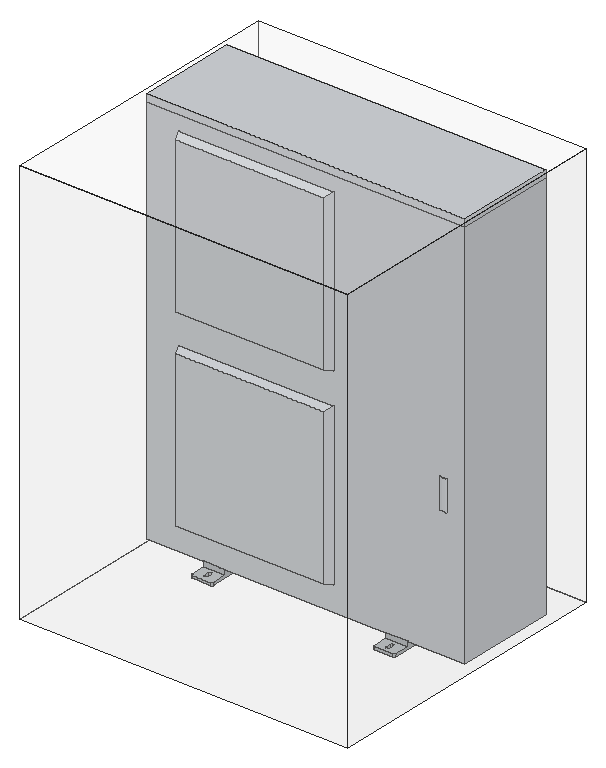
Revit family "puz-dhrmp80_140ka5_60hz", category 機械設備, Revit 2023
Family settings
  丸型コネクタ寸法 = 直径を使用
  パーツ タイプ = 標準
  OmniClass 番号 = 23.75.10.24.21.27.27
  OmniClass タイトル = Split System Air Conditioning Units
  作業面ベース = いいえ
  常に垂直 = はい
  ロード時にボイドで切り取り = いいえ
  注釈の向きを維持 = いいえ
  共有 = いいえ
  部屋計算ポイント = いいえ
Parameters (values of type "PUZ-DHRMP112KA5")
  風量_冷房 (㎥/min) = 110
  風量 = [風量_冷房 (㎥/min)] * 60.0 m³/h  # 6600.0 m³/h
  音響パワーレベル_冷房 (dB) = 66
  音響パワーレベル_暖房 (dB) = 69
  音響パワーレベル(dB) = [音響パワーレベル_暖房 (dB)]  # 69
  電源種別 = ""
  電源位置Y = 2 mm
  電源位置Z = 1063 mm
  電源位置X = 325 mm
  電圧 = 200 V
  電動機出力_送風機 = 0.12 kW
  電動機出力_圧縮機 = 2.1 kW
  集中コントローラ [instance] = ""
  運転質量 = 0.00 kg
  運転方法 = "冷暖切替"
  質量 = if(製品質量 > 運転質量, 製品質量, 運転質量) * 1.2  # 138.00 kg
  負荷分類 = 1_熱源類
  説明 = "空冷H/P PAC インバータ室外機"
  設計暖房能力 [instance] = 0 kW
  設計冷房能力_顕熱 [instance] = 0 kW
  設計冷房能力 [instance] = 0 kW
  設置方法 = "床置形"
  記号 [instance] = ""
  製造元 = "三菱電機株式会社"
  製品質量 = 115.00 kg
  製品出荷対象 = "国内"
  製品リリース年月 = "2026/5/11"
  系統 [instance] = ""
  符号 = "PAC"
  積算_科目 = "1 空気調和設備"
  積算_拾い区分 [instance] = ""
  相 = 3
  盤記号 [instance] = ""
  発停方法 = "別売リモコン"
  特殊仕様 [instance] = ""
  消費電力_暖房 = 2.69 kW
  消費電力_冷房 = 2.5 kW
  消費電力 = if(消費電力_冷房 > 消費電力_暖房, 消費電力_冷房, 消費電力_暖房)  # 2.69 kW
  法定耐用年数 = "6"
  極数 = 3
  材質 [instance] = ""
  本体マテリアル = none
  最小電線太さ_mm2 = 5.5
  最大電流値 = 0 A
  暖房能力 = 11.2 kW
  既定の高さ = 0 mm
  推奨ブレーカー容量 = 30 A
  据付ピッチ1 = 0 mm
  形式 = "パッケージ形 室外機"
  形名 = PUZ-HDRMP-3 : PUZ-HDRMP-3
  幹線記号 [instance] = ""
  始動方式 = "インバータ"
  呼称 = "パッケージ形空気調和機_室外機"
  周波数 = 60 Hz
  価格 = 0
  ドレン　位置Z = 23 mm
  ドレン　位置Y = 176 mm
  ドレン　位置X = 45 mm
  アンカーボルト位置Y = 370 mm
  アンカーボルト位置X = 600 mm
  参照している仕様書等のバージョン = "公共建築物標準仕様書（機械設備工事編）平成31年度版"
  分類コード = "50053003126100"
  分類グループ = "設備"
  冷房能力 = 10 kW
  冷媒管（ガス）位置X = 483 mm
  冷媒管（液）位置X = 423 mm
  冷媒管（液）位置Y = 290 mm
  冷媒管（ガス）位置Y = 234 mm
  冷媒管長 [instance] = 0 mm
  冷媒管径符号 = "Bd"
  冷媒管径 = 100 mm
  冷媒管位置Z = 450 mm
  冷媒管位置Y = (冷媒管（液）位置Y + 冷媒管（ガス）位置Y) / 2  # 262 mm
  冷媒管位置X = (冷媒管（液）位置X + 冷媒管（ガス）位置X) / 2  # 453 mm
  冷媒液管径 = 9.52 mm
  冷媒ガス管径 = 15.88 mm
  企業コード = "108420"
  付属品 [instance] = ""
  ユニット数 = 1
  モデル = "PUZ-DHRMP112KA5"
  ドレン管径 = 33 mm
  サービススペース = yes
  コメント [instance] = ""
  【値が 0 の項目は組合せ形名にてご確認ください】 = ""
  Width = 1050 mm
  Version = ""
  Uniclass2015Version = "Systems v1.9"
  Uniclass2015Title = "Split coil remote air cooled condensing units"
  Uniclass2015Code = "Pr_70_65_03_84"
  URL = "https://www.mitsubishielectric.co.jp/ldg/wink/qr/002/364561"
  SpecificationReference = ""
  SpecificationDescription = ""
  Revision = ""
  ProductInformation = ""
  OmniClassCode = "23-33 17 13 11"
  IfcTypeProduct = ""
  IfcProduct = ""
  IfcExportType = "AIRCONDITIONINGUNIT"
  IfcExportAs = "IfcUnitaryEquipmentType"
  Height = 1338 mm
  Depth = 330 mm
  Clearance Top = 0 mm
  Clearance Right = 15 mm
  Clearance Left = 15 mm
  Clearance Front = 500 mm
  Clearance Bottom = 0 mm
  Clearance Back = 150 mm
  COP = 0
  BLCJ仕様バージョン = "2.0"
  Author = "三菱電機株式会社"
  APF = 0
Reference planes
  plane 1 "中心(正面/背面)": y = 74
  plane 2: z = 0
  plane 3 "中心(左/右)": x = 830
  plane 4 "右": x = 1355
  plane 5 "左": x = 305
  plane 6 "背面": y = 239
  plane 7 "正面": y = -91
  plane 8 "上部": z = 1338
  plane 9 "Clearanse Top": z = 1338
  plane 10 "SS_back": y = 389
  plane 11 "SS_front": y = -591
  plane 12 "SS_left": x = 290
  plane 13 "SS_right": x = 1370
  plane 14: z = 0
  plane 15: y = -89
  plane 16: x = 1155
  plane 17: z = 1063
  plane 18: y = -87
  plane 19: y = -23
  plane 20: x = 1283
  plane 21: z = 450
  plane 22: z = 452
  plane 23: y = 63
  plane 24: x = 350
  plane 25: z = 25
  plane 26: z = 23
  plane 27: x = 530
  plane 28: x = 1130
  plane 29: y = 259
  plane 30: y = -111
Forms (mm)
  Extrusion 1, solid, detail levels fine
    sketch origin (0, -91, 0) x (1, 0, 0) y (0, 0, 1)
      loop
        circle (1155, 1063) r 13.5
    from -4 to -2
  Extrusion 2, solid, detail levels fine
    sketch origin (-1437.329, -1524, 54) x (-1, 0, 0) y (0, -1, 0)
      loop
        circle (-2720.329, -1501) r 50
    from 396 to 398
  Extrusion 3, solid, detail levels fine
    sketch origin (-1437.329, -1524, 54) x (-1, 0, 0) y (0, -1, 0)
      loop
        circle (-1787.329, -1587) r 16.5
    from -31 to -29
Lines and regions (mm)
  model lines, not visible
    curve 1: line (460, 178.667, 1289.179) -> (460, 297.73, 1289.179)
    curve 2: line (460, 178.667, 1056.056) -> (460, 178.667, 1289.179)
    curve 3: line (460, 297.73, 1056.056) -> (460, 178.667, 1056.056)
    curve 4: line (460, 297.73, 1289.179) -> (460, 297.73, 1056.056)
    curve 5: line (460, 47.598, 1289.179) -> (460, 166.661, 1289.179)
    curve 6: line (460, 47.598, 1056.056) -> (460, 47.598, 1289.179)
    curve 7: line (460, 166.661, 1056.056) -> (460, 47.598, 1056.056)
    curve 8: line (460, 166.661, 1289.179) -> (460, 166.661, 1056.056)
    curve 9: line (460, -83.471, 1289.179) -> (460, 35.592, 1289.179)
    curve 10: line (460, -83.471, 1056.056) -> (460, -83.471, 1289.179)
    curve 11: line (460, 35.592, 1056.056) -> (460, -83.471, 1056.056)
    curve 12: line (460, 35.592, 1289.179) -> (460, 35.592, 1056.056)
    curve 13: line (460, -150.779, 1289.179) -> (460, -95.75, 1289.179)
    curve 14: line (460, -150.779, 1056.056) -> (460, -150.779, 1289.179)
    curve 15: line (460, -95.75, 1056.056) -> (460, -150.779, 1056.056)
    curve 16: line (460, -95.75, 1289.179) -> (460, -95.75, 1056.056)
    curve 17: line (460, -150.779, 1283.175) -> (460, -132.596, 1283.175)
    curve 18: line (460, -150.779, 1062.059) -> (460, -150.779, 1283.175)
    curve 19: line (460, -132.596, 1062.059) -> (460, -150.779, 1062.059)
    curve 20: line (460, -132.596, 1283.175) -> (460, -132.596, 1062.059)
    curve 21: line (460, 178.667, 1046.051) -> (460, 297.73, 1046.051)
    curve 22: line (460, 178.667, 812.928) -> (460, 178.667, 1046.051)
    curve 23: line (460, 297.73, 812.928) -> (460, 178.667, 812.928)
    curve 24: line (460, 297.73, 1046.051) -> (460, 297.73, 812.928)
    curve 25: line (460, 47.598, 1046.051) -> (460, 166.661, 1046.051)
    curve 26: line (460, 47.598, 812.928) -> (460, 47.598, 1046.051)
    curve 27: line (460, 166.661, 812.928) -> (460, 47.598, 812.928)
    curve 28: line (460, 166.661, 1046.051) -> (460, 166.661, 812.928)
    curve 29: line (460, -83.471, 1046.051) -> (460, 35.592, 1046.051)
    curve 30: line (460, -83.471, 812.928) -> (460, -83.471, 1046.051)
    curve 31: line (460, 35.592, 812.928) -> (460, -83.471, 812.928)
    curve 32: line (460, 35.592, 1046.051) -> (460, 35.592, 812.928)
    curve 33: line (460, -150.779, 1046.051) -> (460, -95.75, 1046.051)
    curve 34: line (460, -150.779, 812.928) -> (460, -150.779, 1046.051)
    curve 35: line (460, -95.75, 812.928) -> (460, -150.779, 812.928)
    curve 36: line (460, -95.75, 1046.051) -> (460, -95.75, 812.928)
    curve 37: line (460, -150.779, 1040.048) -> (460, -132.596, 1040.048)
    curve 38: line (460, -150.779, 818.931) -> (460, -150.779, 1040.048)
    curve 39: line (460, -132.596, 818.931) -> (460, -150.779, 818.931)
    curve 40: line (460, -132.596, 1040.048) -> (460, -132.596, 818.931)
    curve 41: line (460, 178.667, 802.923) -> (460, 297.73, 802.923)
    curve 42: line (460, 178.667, 569.8) -> (460, 178.667, 802.923)
    curve 43: line (460, 297.73, 569.8) -> (460, 178.667, 569.8)
    curve 44: line (460, 297.73, 802.923) -> (460, 297.73, 569.8)
    curve 45: line (460, 47.598, 802.923) -> (460, 166.661, 802.923)
    curve 46: line (460, 47.598, 569.8) -> (460, 47.598, 802.923)
    curve 47: line (460, 166.661, 569.8) -> (460, 47.598, 569.8)
    curve 48: line (460, 166.661, 802.923) -> (460, 166.661, 569.8)
    curve 49: line (460, -83.471, 802.923) -> (460, 35.592, 802.923)
    curve 50: line (460, -83.471, 569.8) -> (460, -83.471, 802.923)
    curve 51: line (460, 35.592, 569.8) -> (460, -83.471, 569.8)
    curve 52: line (460, 35.592, 802.923) -> (460, 35.592, 569.8)
    curve 53: line (460, -150.779, 802.923) -> (460, -95.75, 802.923)
    curve 54: line (460, -150.779, 569.8) -> (460, -150.779, 802.923)
    curve 55: line (460, -95.75, 569.8) -> (460, -150.779, 569.8)
    curve 56: line (460, -95.75, 802.923) -> (460, -95.75, 569.8)
    curve 57: line (460, -150.779, 796.92) -> (460, -132.596, 796.92)
    curve 58: line (460, -150.779, 575.803) -> (460, -150.779, 796.92)
    curve 59: line (460, -132.596, 575.803) -> (460, -150.779, 575.803)
    curve 60: line (460, -132.596, 796.92) -> (460, -132.596, 575.803)
    curve 61: line (460, 178.667, 559.795) -> (460, 297.73, 559.795)
    curve 62: line (460, 178.667, 326.672) -> (460, 178.667, 559.795)
    curve 63: line (460, 297.73, 326.672) -> (460, 178.667, 326.672)
    curve 64: line (460, 297.73, 559.795) -> (460, 297.73, 326.672)
    curve 65: line (460, 47.598, 559.795) -> (460, 166.661, 559.795)
    curve 66: line (460, 47.598, 326.672) -> (460, 47.598, 559.795)
    curve 67: line (460, 166.661, 326.672) -> (460, 47.598, 326.672)
    curve 68: line (460, 166.661, 559.795) -> (460, 166.661, 326.672)
    curve 69: line (460, -83.471, 559.795) -> (460, 35.592, 559.795)
    curve 70: line (460, -83.471, 326.672) -> (460, -83.471, 559.795)
    curve 71: line (460, 35.592, 326.672) -> (460, -83.471, 326.672)
    curve 72: line (460, 35.592, 559.795) -> (460, 35.592, 326.672)
    curve 73: line (460, -150.779, 559.795) -> (460, -95.75, 559.795)
    curve 74: line (460, -150.779, 326.672) -> (460, -150.779, 559.795)
    curve 75: line (460, -95.75, 326.672) -> (460, -150.779, 326.672)
    curve 76: line (460, -95.75, 559.795) -> (460, -95.75, 326.672)
    curve 77: line (460, -150.779, 553.792) -> (460, -132.596, 553.792)
    curve 78: line (460, -150.779, 332.675) -> (460, -150.779, 553.792)
    curve 79: line (460, -132.596, 332.675) -> (460, -150.779, 332.675)
    curve 80: line (460, -132.596, 553.792) -> (460, -132.596, 332.675)
    curve 81: line (460, 178.667, 316.667) -> (460, 297.73, 316.667)
    curve 82: line (460, 178.667, 83.544) -> (460, 178.667, 316.667)
    curve 83: line (460, 297.73, 83.544) -> (460, 178.667, 83.544)
    curve 84: line (460, 297.73, 316.667) -> (460, 297.73, 83.544)
    curve 85: line (460, 47.598, 316.667) -> (460, 166.661, 316.667)
    curve 86: line (460, 47.598, 83.544) -> (460, 47.598, 316.667)
    curve 87: line (460, 166.661, 83.544) -> (460, 47.598, 83.544)
    curve 88: line (460, 166.661, 316.667) -> (460, 166.661, 83.544)
    curve 89: line (460, -83.471, 316.667) -> (460, 35.592, 316.667)
    curve 90: line (460, -83.471, 83.544) -> (460, -83.471, 316.667)
    curve 91: line (460, 35.592, 83.544) -> (460, -83.471, 83.544)
    curve 92: line (460, 35.592, 316.667) -> (460, 35.592, 83.544)
    curve 93: line (460, -150.779, 316.667) -> (460, -95.75, 316.667)
    curve 94: line (460, -150.779, 83.544) -> (460, -150.779, 316.667)
    curve 95: line (460, -95.75, 83.544) -> (460, -150.779, 83.544)
    curve 96: line (460, -95.75, 316.667) -> (460, -95.75, 83.544)
    curve 97: line (460, -150.779, 310.664) -> (460, -132.596, 310.664)
    curve 98: line (460, -150.779, 89.547) -> (460, -150.779, 310.664)
    curve 99: line (460, -132.596, 89.547) -> (460, -150.779, 89.547)
    curve 100: line (460, -132.596, 310.664) -> (460, -132.596, 89.547)
Dimensions and locks
  equal spacing: plane 7 "正面", plane 1 "中心(正面/背面)", plane 6 "背面"
  "Depth": plane 7 "正面" to plane 6 "背面"
  "Width": plane 5 "左" to plane 4 "右"
  equal spacing: plane 5 "左", plane 3 "中心(左/右)", plane 4 "右"
  "Clearance Left": plane 12 "SS_left" to plane 5 "左"
  "Clearance Right": plane 4 "右" to plane 13 "SS_right"
  "Clearance Back": plane 6 "背面" to plane 10 "SS_back"
  "Clearance Front": plane 11 "SS_front" to plane 7 "正面"
  "Height": plane 8 "上部" to level
  "Clearance Top": plane 9 "Clearanse Top" to plane 8 "上部"
  "Clearance Bottom": level to plane 14
  "電源位置X": plane 3 "中心(左/右)" to plane 16
  "電源位置Y": plane 7 "正面" to plane 15
  "電源位置Z": plane 17 to level
  locked: plane 15 to plane 18 at 2
  "冷媒管位置X": plane 3 "中心(左/右)" to plane 20
  "冷媒管位置Y": plane 19 to plane 6 "背面"
  "冷媒管位置Z": plane 21 to level
  locked: plane 22 to plane 21 at 2
  "ドレン　位置X": plane 5 "左" to plane 24
  "ドレン　位置Y": plane 23 to plane 6 "背面"
  locked: plane 25 to plane 26 at 2
  "ドレン　位置Z": plane 26 to level
  equal spacing: plane 30, plane 1 "中心(正面/背面)", plane 29
  "アンカーボルト位置Y": plane 30 to plane 29
  equal spacing: plane 27, plane 3 "中心(左/右)", plane 28
  "アンカーボルト位置X": plane 27 to plane 28
  radius of Extrusion 1 sketch curve = 13.5 mm
  "冷媒管径": diameter of Extrusion 2 sketch curve
  "ドレン管径": diameter of Extrusion 3 sketch curve
  aligned and locked: level to plane 2
  aligned and locked: plane 10 "SS_back" to nested 1  (x2)
  aligned and locked: plane 13 "SS_right" to nested 1
  aligned and locked: plane 12 "SS_left" to nested 1  (x2)
  aligned and locked: nested 1 to plane 13 "SS_right"
  aligned and locked: plane 11 "SS_front" to nested 1
  aligned and locked: plane 9 "Clearanse Top" to nested 1
  aligned and locked: plane 1 "中心(正面/背面)" to nested 2
  aligned and locked: plane 3 "中心(左/右)" to nested 2
  aligned and locked: plane 14 to nested 1
  aligned and locked: plane 17 to Extrusion 1 sketch curve
  aligned and locked: plane 16 to Extrusion 1 sketch curve
  aligned and locked: Extrusion 1 to plane 18
  aligned and locked: plane 15 to Extrusion 1
  aligned and locked: plane 19 to Extrusion 2 sketch curve
  aligned and locked: plane 20 to Extrusion 2 sketch curve
  aligned and locked: plane 22 to Extrusion 2
  aligned and locked: Extrusion 2 to plane 21
  aligned and locked: plane 24 to Extrusion 3 sketch curve
  aligned and locked: plane 23 to Extrusion 3 sketch curve
  aligned and locked: plane 25 to Extrusion 3
  aligned and locked: Extrusion 3 to plane 26
  aligned and locked: plane 27 to nested 3
  aligned and locked: plane 29 to nested 3
Nested families
  nested 1: "サービススペース" at (830, -101, 669), visible <- "サービススペース", type "サービススペース"
    with Width 1080 mm, Height 1338 mm, Depth 980 mm
  nested 2: "PUZ-HDRMP-3" at (830, 74, 0), type <- "形名", type "PUZ-HDRMP-3", detail levels fine
  nested 3: "固定点" at (530, -111, 0), type "固定点"
    with W 600 mm, D 370 mm
Connectors
  piping at (1283, -23, 450), diameter 100, driven by "冷媒管径", driven by "冷媒管径符号"
    settings: on Extrusion 2, index 1, connector inside diameter 609.6 mm, connector length 0 mm, flow factor 0, pipe flow 0.0 L/s, pressure drop 0.0 Pa, fitting loss kfactor 0, connector angle 0.00°, fixture units 0, engagement length 0 mm, angle of deflection 0.00°, flow configuration 1, flow direction 2, fitting loss method 4, system type 7, joint type 0, gender type 0, connector reference index -1, connector utility 0, adjustable connector no, is connector primary yes, connector description "Bd"
  electrical at (1155, -89, 1063), driven by "極数", driven by "負荷分類", driven by "電圧", driven by "消費電力"
    settings: on Extrusion 1, index 2, voltage 200 V, apparent load 2690 VA, apparent load phase1 0 VA, apparent load phase2 0 VA, apparent load phase3 0 VA, power factor 1, load classification "1_熱源類", number of poles 3, system type 30, power factor state 1, is connector primary yes, connector utility no, sub classification motor no, connector description ""
Definition of nested family "サービススペース"
  Parameters (values of type "サービススペース")
    Default Elevation = 0 mm
    Width [instance] = 500 mm
    Height [instance] = 500 mm
    Depth [instance] = 500 mm
  Reference planes
    plane 1 "中心(正面/背面)": y = 0
    plane 2: z = 0
    plane 3 "中心(左/右)": x = 0
    plane 4: y = -250
    plane 5: x = 250
    plane 6: y = 250
    plane 7: x = -250
    plane 8: z = 250
    plane 9: z = -250
  Forms (mm)
    Extrusion 1, solid
      sketch origin (-638.939, 0, 72.39) x (1, 0, 0) y (0, 1, 0)
        loop
          line (388.939, 250) -> (388.939, -250) -> (888.939, -250) -> (888.939, 250) -> (388.939, 250)
      from -322.39 to 177.61
  Lines and regions (mm)
    symbolic lines
      curve 1: line (-250, 0, 250) -> (250, 0, 250)
      curve 2: line (-250, 0, -250) -> (-250, 0, 250)
      curve 3: line (250, 0, -250) -> (-250, 0, -250)
      curve 4: line (250, 0, 250) -> (250, 0, -250)
      curve 5: line (0, -250, 250) -> (0, 250, 250)
      curve 6: line (0, -250, -250) -> (0, -250, 250)
      curve 7: line (0, 250, -250) -> (0, -250, -250)
      curve 8: line (0, 250, 250) -> (0, 250, -250)
      curve 9: line (-250, 250, 0) -> (250, 250, 0)
      curve 10: line (-250, -250, 0) -> (-250, 250, 0)
      curve 11: line (250, -250, 0) -> (-250, -250, 0)
      curve 12: line (250, 250, 0) -> (250, -250, 0)
  Dimensions and locks
    equal spacing: plane 7, plane 3 "中心(左/右)", plane 5
    equal spacing: plane 4, plane 1 "中心(正面/背面)", plane 6
    "Depth": plane 4 to plane 6
    "Width": plane 7 to plane 5
    equal spacing: plane 8, plane 2, plane 9
    "Height": plane 8 to plane 9
    aligned and locked: plane 9 to curve 3
    aligned and locked: plane 7 to curve 2
    aligned and locked: curve 4 to plane 5
    aligned and locked: plane 5 to Extrusion 1
    aligned and locked: Extrusion 1 to plane 7
    aligned and locked: Extrusion 1 to plane 9
    aligned and locked: plane 8 to Extrusion 1
    aligned and locked: plane 9 to curve 7
  Automatic sketch dimensions
    plane 4 to Extrusion 1 sketch curve = 0 mm
    Extrusion 1 sketch curve to plane 7 = 0 mm
    Extrusion 1 sketch curve to plane 5 = 0 mm
    plane 6 to Extrusion 1 sketch curve = 0 mm
    curve 2 to plane 8 = 0 mm
    plane 4 to curve 11 = 0 mm
    curve 11 to plane 7 = 0 mm
    curve 11 to plane 5 = 0 mm
    plane 6 to curve 10 = 0 mm
    curve 7 to plane 4 = 0 mm
    curve 7 to plane 6 = 0 mm
    curve 6 to plane 8 = 0 mm
Definition of nested family "PUZ-HDRMP-3"
  Parameters (values of type "PUZ-HDRMP-3")
    配線取出口サイズ = 27 mm
    配線取出口-Z = 1063 mm
    配線取出口-Y = 325 mm
    配線取出口-X = 325 mm
    液配管サイズ = 100 mm
    高さ = 1338 mm
    Default Elevation = 0 mm
    換気-W = 362 mm
    換気-H2 = 632 mm
    換気-H1 = 369 mm
    換気-D = 25 mm
    奥行き = 330 mm
    吊りボルト_H = 0 mm
    吊りボルト-φ = 12 mm
    冷媒配管サイズ = 9.52 mm
    冷媒液管径-Z = 450 mm
    冷媒液管径-Y = 290 mm
    冷媒液管径-X = 423 mm
    冷媒ガス管径-Z = 421 mm
    冷媒ガス管径-Y = 274 mm
    冷媒ガス管径-X = 483 mm
    吊りボルト-W = 600 mm
    マテリアル = none
    ドレン配管サイズ = 33 mm
    ドレン管径-Z = 0 mm
    ドレン管径-Y = 154 mm
    ドレン管径-X = 480 mm
    タイプ3 = yes
    タイプ2 = no
    タイプ1 = no
    ガス配管サイズ = 15.88 mm
    吊りボルト-D = 370 mm
    幅さ = 1050 mm
    a = 幅さ / 2  # 525 mm
  Reference planes
    plane 1 "中心(正面/背面)": y = 0
    plane 2: z = 0
    plane 3 "中心(左/右)": x = 0
    plane 4: z = 1338
    plane 5: x = -525
    plane 6: x = 525
    plane 7: y = 165
    plane 8: y = -165
    plane 9: x = 587
    plane 10: y = -105
    plane 11: y = 5
    plane 12: z = 1313
    plane 13: x = -545
    plane 14: x = -300
    plane 15: x = 300
    plane 16: y = 185
    plane 17: y = -185
    plane 18: x = 335
    plane 19: x = 265
    plane 20: x = -265
    plane 21: x = -335
    plane 22: y = 204
    plane 23: y = -218
    plane 24: z = 8.5
    plane 25: z = 25
    plane 26: z = 23
    plane 27: z = 1333
    plane 28: y = -40
    plane 29: y = 40
    plane 30: y = -30
    plane 31: y = 30
    plane 32: z = 1318
    plane 33: z = 55
    plane 34: z = 225
    plane 35: z = 570
    plane 36: x = 535
    plane 37: x = 556
    plane 38: y = -190
    plane 39: x = -163
    plane 40: z = 369
    plane 41: x = 91
    plane 42: x = -417
    plane 43: z = 633
    plane 44: z = 105
    plane 45: x = -407
    plane 46: x = 81
    plane 47: z = 623
    plane 48: z = 115
    plane 49: y = 115
    plane 50: y = -115
    plane 51: x = -480
    plane 52: y = -11
    plane 53: x = 483
    plane 54: x = 325
    plane 55: y = -160
    plane 56: y = -125
    plane 57: y = -109
    plane 58: x = 423
    plane 59: z = 421
    plane 60: z = 450
    plane 61: z = 1063
    plane 62: y = -110
    plane 63: z = 550
    plane 64: z = 550
    plane 65: x = 453
    plane 66: y = -117
    plane 67 "グループ": x = -525
    plane 68: z = 1338
    plane 69: z = 943
    plane 70: z = 1001
    plane 71: z = 1265
    plane 72: z = 737
    plane 73: z = 1255
    plane 74: z = 747
    plane 75: y = 125
    plane 76: x = -370
    plane 77: x = -210
    plane 78: x = -50
    plane 79: x = 110
  Forms (mm)
    Extrusion 1, solid, visible <- "タイプ3", detail levels fine
      sketch origin (-1437.329, -1524, 1338) x (-1, 0, 0) y (0, -1, 0)
        loop
          line (-1102.329, -1689) -> (-1102.329, -1359) -> (-1172.329, -1359) -> (-1172.329, -1689) -> (-1102.329, -1689)
        loop
          line (-1702.329, -1689) -> (-1702.329, -1359) -> (-1772.329, -1359) -> (-1772.329, -1689) -> (-1702.329, -1689)
      from -1338 to -1313
    Extrusion 2, solid, material <- "マテリアル", visible <- "タイプ3", detail levels fine
      sketch origin (-1437.329, -1524, 1338) x (-1, 0, 0) y (0, -1, 0)
        loop
          line (-1962.329, -1689) -> (-912.329, -1689) -> (-912.329, -1359) -> (-1962.329, -1359) -> (-1962.329, -1689)
      from -1313 to -25
    Extrusion 3, solid, material <- "マテリアル", visible <- "タイプ3", detail levels fine
      sketch origin (-1437.329, -1524, 1338) x (-1, 0, 0) y (0, -1, 0)
        loop
          line (-912.329, -1689) -> (-912.329, -1359) -> (-1962.329, -1359) -> (-1962.329, -1689) -> (-912.329, -1689)
      from -25 to 0
    Blend 4, solid, material <- "マテリアル", visible <- "タイプ3", detail levels fine
      base sketch origin (0, 0, 0) x (1, 0, 0) y (0, 0, 1)
        loop
          line (-417, 633) -> (-417, 105) -> (91, 105) -> (91, 633) -> (-417, 633)
      top sketch origin (0, 0, 0) x (1, 0, 0) y (0, 0, 1)
        loop
          line (-407, 623) -> (-407, 115) -> (81, 115) -> (81, 623) -> (-407, 623)
      from 165 to 190
    Extrusion 5, solid, material <- "マテリアル", visible <- "タイプ3", detail levels fine
      sketch origin (-1437.329, -1524, 1338) x (-1, 0, 0) y (0, -1, 0)
        loop
          circle (-1920.329, -1415) r 7.94
      from -917 to -788
    Extrusion 6, solid, material <- "マテリアル", visible <- "タイプ3", detail levels fine
      sketch origin (-1437.329, -1524, 1338) x (-1, 0, 0) y (0, -1, 0)
        loop
          circle (-1860.329, -1399) r 4.76
      from -888 to -788
    Extrusion 7, solid, material <- "マテリアル", visible <- "タイプ3", detail levels fine
      sketch origin (1480.036, -190, 1200) x (1, 0, 0) y (0, 0, 1)
        loop
          circle (-1155.036, -137) r 13.5
      from -80 to -30
    Extrusion 8, solid, material <- "マテリアル", visible <- "タイプ3", detail levels fine
      sketch origin (-1437.329, -1524, 1338) x (-1, 0, 0) y (0, -1, 0)
        loop
          circle (-1890.329, -1407) r 50
      from -888 to -788
    Blend 9, solid, material <- "マテリアル", visible <- "タイプ3", detail levels fine
      base sketch origin (1480.036, -190, 1200) x (1, 0, 0) y (0, 0, 1)
        loop
          line (-1897.036, 65) -> (-1897.036, -463) -> (-1389.036, -463) -> (-1389.036, 65) -> (-1897.036, 65)
      top sketch origin (1480.036, -190, 1200) x (1, 0, 0) y (0, 0, 1)
        loop
          line (-1887.036, 55) -> (-1887.036, -453) -> (-1399.036, -453) -> (-1399.036, 55) -> (-1887.036, 55)
      from -25 to 0
    Extrusion 10, solid, visible <- "タイプ3", detail levels fine
      sketch origin (-1437.329, -1524, 1338) x (-1, 0, 0) y (0, -1, 0)
        loop
          line (-1102.329, -1728) -> (-1102.329, -1689) -> (-1172.329, -1689) -> (-1172.329, -1728) -> (-1143.329, -1728) -> (-1143.329, -1709)
          arc (-1143.329, -1709) -> (-1137.329, -1703) -> (-1131.329, -1709) r 6
          line (-1131.329, -1709) -> (-1131.329, -1728) -> (-1102.329, -1728)
        loop
          line (-1102.329, -1359) -> (-1102.329, -1311)
          arc (-1102.329, -1311) -> (-1103.794, -1307.464) -> (-1107.329, -1306) r 5
          line (-1107.329, -1306) -> (-1167.329, -1306)
          arc (-1167.329, -1306) -> (-1170.865, -1307.464) -> (-1172.329, -1311) r 5
          line (-1172.329, -1311) -> (-1172.329, -1359) -> (-1102.329, -1359)
        loop
          arc (-1143.329, -1339) -> (-1137.329, -1345) -> (-1131.329, -1339) r 6
          line (-1131.329, -1339) -> (-1131.329, -1324)
          arc (-1131.329, -1324) -> (-1137.329, -1318) -> (-1143.329, -1324) r 6
          line (-1143.329, -1324) -> (-1143.329, -1339)
        loop
          line (-1772.329, -1728) -> (-1743.329, -1728) -> (-1743.329, -1709)
          arc (-1743.329, -1709) -> (-1737.329, -1703) -> (-1731.329, -1709) r 6
          line (-1731.329, -1709) -> (-1731.329, -1728) -> (-1702.329, -1728) -> (-1702.329, -1689) -> (-1772.329, -1689) -> (-1772.329, -1728)
        loop
          line (-1772.329, -1359) -> (-1702.329, -1359) -> (-1702.329, -1311)
          arc (-1702.329, -1311) -> (-1703.794, -1307.464) -> (-1707.329, -1306) r 5
          line (-1707.329, -1306) -> (-1767.329, -1306)
          arc (-1767.329, -1306) -> (-1770.865, -1307.464) -> (-1772.329, -1311) r 5
          line (-1772.329, -1311) -> (-1772.329, -1359)
        loop
          line (-1731.329, -1339) -> (-1731.329, -1324)
          arc (-1731.329, -1324) -> (-1737.329, -1318) -> (-1743.329, -1324) r 6
          line (-1743.329, -1324) -> (-1743.329, -1339)
          arc (-1743.329, -1339) -> (-1737.329, -1345) -> (-1731.329, -1339) r 6
      from -1338 to -1329.5
    Extrusion 11, solid, material <- "マテリアル", visible <- "タイプ3", detail levels fine
      sketch origin (-1437.329, -1524, 1338) x (-1, 0, 0) y (0, -1, 0)
        loop
          circle (-957.329, -1513) r 16.5
        loop
          circle (-1067.329, -1649) r 16.5
        loop
          circle (-1227.329, -1649) r 16.5
        loop
          circle (-1387.329, -1649) r 16.5
        loop
          circle (-1547.329, -1649) r 16.5
      from -1315 to -1313
  Cuts and joins
    joined: Extrusion 1, Extrusion 10
  Lines and regions (mm)
    Masking region 1, visible <- "タイプ3", detail levels coarse+medium
      outline origin (-1437.329, -1524, 1338) x (-1, 0, 0) y (0, -1, 0)
        loop
          line (-1962.329, -1689) -> (-1772.329, -1689) -> (-1772.329, -1728) -> (-1702.329, -1728) -> (-1702.329, -1689) -> (-1172.329, -1689) -> (-1172.329, -1728) -> (-1102.329, -1728) -> (-1102.329, -1689) -> (-912.329, -1689) -> (-912.329, -1359) -> (-1020.329, -1359) -> (-1030.329, -1334) -> (-1102.329, -1334) -> (-1102.329, -1306) -> (-1172.329, -1306) -> (-1172.329, -1334) -> (-1518.329, -1334) -> (-1528.329, -1359) -> (-1702.329, -1359) -> (-1702.329, -1306) -> (-1772.329, -1306) -> (-1772.329, -1359) -> (-1962.329, -1359) -> (-1962.329, -1689)
    model lines, visible <- "タイプ3", detail levels fine
      curve 1: line (447, 115, 1338) -> (-445, 115, 1338)
      curve 2: line (-445, -115, 1338) -> (447, -115, 1338)
      curve 3: line (-445, -45, 1338) -> (447, -45, 1338)
      curve 4: line (447, 45, 1338) -> (-445, 45, 1338)
      curve 5: line (-445, -35, 1338) -> (447, -35, 1338)
      curve 6: line (447, 35, 1338) -> (-445, 35, 1338)
      curve 7: line (-445, 115, 1338) -> (-445, 45, 1338)
      curve 8: line (447, -115, 1338) -> (447, -45, 1338)
      curve 9: line (-445, 35, 1338) -> (-445, -35, 1338)
      curve 10: line (-445, -45, 1338) -> (-445, -115, 1338)
      curve 11: line (447, -35, 1338) -> (447, 35, 1338)
      curve 12: line (447, 45, 1338) -> (447, 115, 1338)
      curve 13: line (479, -115, 1338) -> (479, 115, 1338)
      curve 14: line (462, -115, 1338) -> (462, 115, 1338)
      curve 15: line (-475, 115, 1338) -> (-475, -115, 1338)
      curve 16: line (-460, 115, 1338) -> (-460, -115, 1338)
      curve 17: line (-460, 115, 1338) -> (-475, 115, 1338)
      curve 18: line (-460, -115, 1338) -> (-475, -115, 1338)
      curve 19: line (462, 115, 1338) -> (479, 115, 1338)
      curve 20: line (462, -115, 1338) -> (479, -115, 1338)
      curve 21: line (-407, -190, 416.5) -> (81, -190, 416.5)
      curve 22: line (81, -190, 321.5) -> (-407, -190, 321.5)
      curve 23: line (-407, -190, 511.5) -> (81, -190, 511.5)
      curve 24: line (-407, -190, 606.5) -> (81, -190, 606.5)
      curve 25: line (81, -190, 226.5) -> (-407, -190, 226.5)
      curve 26: line (81, -190, 131.5) -> (-407, -190, 131.5)
      curve 27: line (-389.571, -190, 623) -> (-389.571, -190, 115)
      curve 28: line (63.571, -190, 115) -> (63.571, -190, 623)
      curve 29: line (-372.143, -190, 623) -> (-372.143, -190, 115)
      curve 30: line (-354.714, -190, 623) -> (-354.714, -190, 115)
      curve 31: line (-337.286, -190, 623) -> (-337.286, -190, 115)
      curve 32: line (-319.857, -190, 623) -> (-319.857, -190, 115)
      curve 33: line (-302.429, -190, 623) -> (-302.429, -190, 115)
      curve 34: line (-285, -190, 623) -> (-285, -190, 115)
      curve 35: line (-267.571, -190, 623) -> (-267.571, -190, 115)
      curve 36: line (-250.143, -190, 623) -> (-250.143, -190, 115)
      curve 37: line (-232.714, -190, 623) -> (-232.714, -190, 115)
      curve 38: line (-215.286, -190, 623) -> (-215.286, -190, 115)
      curve 39: line (-197.857, -190, 623) -> (-197.857, -190, 115)
      curve 40: line (-180.429, -190, 623) -> (-180.429, -190, 115)
      curve 41: line (-163, -190, 623) -> (-163, -190, 115)
      curve 42: line (-145.571, -190, 623) -> (-145.571, -190, 115)
      curve 43: line (-128.143, -190, 623) -> (-128.143, -190, 115)
      curve 44: line (-110.714, -190, 623) -> (-110.714, -190, 115)
      curve 45: line (-93.286, -190, 623) -> (-93.286, -190, 115)
      curve 46: line (-75.857, -190, 623) -> (-75.857, -190, 115)
      curve 47: line (-58.429, -190, 623) -> (-58.429, -190, 115)
      curve 48: line (-41, -190, 623) -> (-41, -190, 115)
      curve 49: line (-23.571, -190, 623) -> (-23.571, -190, 115)
      curve 50: line (-6.143, -190, 623) -> (-6.143, -190, 115)
      curve 51: line (11.286, -190, 623) -> (11.286, -190, 115)
      curve 52: line (28.714, -190, 623) -> (28.714, -190, 115)
      curve 53: line (46.143, -190, 623) -> (46.143, -190, 115)
      curve 54: line (-525, -100, 87) -> (-525, -60, 87)
      curve 55: line (-525, -100, 277) -> (-525, -100, 87)
      curve 56: line (-525, -60, 277) -> (-525, -100, 277)
      curve 57: line (-525, -60, 87) -> (-525, -60, 277)
      curve 58: line (-525, -100, 292) -> (-525, -60, 292)
      curve 59: line (-525, -100, 482) -> (-525, -100, 292)
      curve 60: line (-525, -60, 482) -> (-525, -100, 482)
      curve 61: line (-525, -60, 292) -> (-525, -60, 482)
      curve 62: line (-525, -100, 497) -> (-525, -60, 497)
      curve 63: line (-525, -100, 687) -> (-525, -100, 497)
      curve 64: line (-525, -60, 687) -> (-525, -100, 687)
      curve 65: line (-525, -60, 497) -> (-525, -60, 687)
      curve 66: line (-525, -100, 702) -> (-525, -60, 702)
      curve 67: line (-525, -100, 892) -> (-525, -100, 702)
      curve 68: line (-525, -60, 892) -> (-525, -100, 892)
      curve 69: line (-525, -60, 702) -> (-525, -60, 892)
      curve 70: line (-525, 60, 87) -> (-525, 100, 87)
      curve 71: line (-525, 60, 277) -> (-525, 60, 87)
      curve 72: line (-525, 100, 277) -> (-525, 60, 277)
      curve 73: line (-525, 100, 87) -> (-525, 100, 277)
      curve 74: line (-525, -46.667, 87) -> (-525, -6.667, 87)
      curve 75: line (-525, -46.667, 277) -> (-525, -46.667, 87)
      curve 76: line (-525, -6.667, 277) -> (-525, -46.667, 277)
      curve 77: line (-525, -6.667, 87) -> (-525, -6.667, 277)
      curve 78: line (-525, 6.667, 87) -> (-525, 46.667, 87)
      curve 79: line (-525, 6.667, 277) -> (-525, 6.667, 87)
      curve 80: line (-525, 46.667, 277) -> (-525, 6.667, 277)
      curve 81: line (-525, 46.667, 87) -> (-525, 46.667, 277)
      curve 82: line (-525, 60, 292) -> (-525, 100, 292)
      curve 83: line (-525, 60, 482) -> (-525, 60, 292)
      curve 84: line (-525, 100, 482) -> (-525, 60, 482)
      curve 85: line (-525, 100, 292) -> (-525, 100, 482)
      curve 86: line (-525, 60, 702) -> (-525, 100, 702)
      curve 87: line (-525, 60, 892) -> (-525, 60, 702)
      curve 88: line (-525, 100, 892) -> (-525, 60, 892)
      curve 89: line (-525, 100, 702) -> (-525, 100, 892)
      curve 90: line (-525, -46.667, 292) -> (-525, -6.667, 292)
      curve 91: line (-525, -46.667, 482) -> (-525, -46.667, 292)
      curve 92: line (-525, -6.667, 482) -> (-525, -46.667, 482)
      curve 93: line (-525, -6.667, 292) -> (-525, -6.667, 482)
      curve 94: line (-525, -46.667, 497) -> (-525, -6.667, 497)
      curve 95: line (-525, -46.667, 687) -> (-525, -46.667, 497)
      curve 96: line (-525, -6.667, 687) -> (-525, -46.667, 687)
      curve 97: line (-525, -6.667, 497) -> (-525, -6.667, 687)
      curve 98: line (-525, -46.667, 702) -> (-525, -6.667, 702)
      curve 99: line (-525, -46.667, 892) -> (-525, -46.667, 702)
      curve 100: line (-525, -6.667, 892) -> (-525, -46.667, 892)
      curve 101: line (-525, -6.667, 702) -> (-525, -6.667, 892)
      curve 102: line (-525, 6.667, 292) -> (-525, 46.667, 292)
      curve 103: line (-525, 6.667, 482) -> (-525, 6.667, 292)
      curve 104: line (-525, 46.667, 482) -> (-525, 6.667, 482)
      curve 105: line (-525, 46.667, 292) -> (-525, 46.667, 482)
      curve 106: line (-525, 6.667, 497) -> (-525, 46.667, 497)
      curve 107: line (-525, 6.667, 687) -> (-525, 6.667, 497)
      curve 108: line (-525, 46.667, 687) -> (-525, 6.667, 687)
      curve 109: line (-525, 46.667, 497) -> (-525, 46.667, 687)
      curve 110: line (-525, 6.667, 702) -> (-525, 46.667, 702)
      curve 111: line (-525, 6.667, 892) -> (-525, 6.667, 702)
      curve 112: line (-525, 46.667, 892) -> (-525, 6.667, 892)
      curve 113: line (-525, 46.667, 702) -> (-525, 46.667, 892)
      curve 114: line (-525, -100, 907) -> (-525, -60, 907)
      curve 115: line (-525, -100, 1097) -> (-525, -100, 907)
      curve 116: line (-525, -60, 1097) -> (-525, -100, 1097)
      curve 117: line (-525, -60, 907) -> (-525, -60, 1097)
      curve 118: line (-525, 60, 907) -> (-525, 100, 907)
      curve 119: line (-525, 60, 1097) -> (-525, 60, 907)
      curve 120: line (-525, 100, 1097) -> (-525, 60, 1097)
      curve 121: line (-525, 100, 907) -> (-525, 100, 1097)
      curve 122: line (-525, -46.667, 907) -> (-525, -6.667, 907)
      curve 123: line (-525, -46.667, 1097) -> (-525, -46.667, 907)
      curve 124: line (-525, -6.667, 1097) -> (-525, -46.667, 1097)
      curve 125: line (-525, -6.667, 907) -> (-525, -6.667, 1097)
      curve 126: line (-525, 6.667, 907) -> (-525, 46.667, 907)
      curve 127: line (-525, 6.667, 1097) -> (-525, 6.667, 907)
      curve 128: line (-525, 46.667, 1097) -> (-525, 6.667, 1097)
      curve 129: line (-525, 46.667, 907) -> (-525, 46.667, 1097)
      curve 130: line (-525, -100, 1112) -> (-525, -60, 1112)
      curve 131: line (-525, -100, 1302) -> (-525, -100, 1112)
      curve 132: line (-525, -60, 1302) -> (-525, -100, 1302)
      curve 133: line (-525, -60, 1112) -> (-525, -60, 1302)
      curve 134: line (-525, 60, 1112) -> (-525, 100, 1112)
      curve 135: line (-525, 60, 1302) -> (-525, 60, 1112)
      curve 136: line (-525, 100, 1302) -> (-525, 60, 1302)
      curve 137: line (-525, 100, 1112) -> (-525, 100, 1302)
      curve 138: line (-525, -46.667, 1112) -> (-525, -6.667, 1112)
      curve 139: line (-525, -46.667, 1302) -> (-525, -46.667, 1112)
      curve 140: line (-525, -6.667, 1302) -> (-525, -46.667, 1302)
      curve 141: line (-525, -6.667, 1112) -> (-525, -6.667, 1302)
      curve 142: line (-525, 6.667, 1112) -> (-525, 46.667, 1112)
      curve 143: line (-525, 6.667, 1302) -> (-525, 6.667, 1112)
      curve 144: line (-525, 46.667, 1302) -> (-525, 6.667, 1302)
      curve 145: line (-525, 46.667, 1112) -> (-525, 46.667, 1302)
      curve 303: line (81, -190, 1238.5) -> (-407, -190, 1238.5)
      curve 304: line (-407, -190, 763.5) -> (81, -190, 763.5)
      curve 305: line (-389.571, -190, 1255) -> (-389.571, -190, 747)
      curve 306: line (81, -190, 858.5) -> (-407, -190, 858.5)
      curve 307: line (81, -190, 1143.5) -> (-407, -190, 1143.5)
      curve 308: line (81, -190, 1048.5) -> (-407, -190, 1048.5)
      curve 309: line (-407, -190, 953.5) -> (81, -190, 953.5)
      curve 310: line (-372.143, -190, 1255) -> (-372.143, -190, 747)
      curve 311: line (-354.714, -190, 1255) -> (-354.714, -190, 747)
      curve 312: line (-337.286, -190, 1255) -> (-337.286, -190, 747)
      curve 313: line (-319.857, -190, 1255) -> (-319.857, -190, 747)
      curve 314: line (-302.429, -190, 1255) -> (-302.429, -190, 747)
      curve 315: line (-285, -190, 1255) -> (-285, -190, 747)
      curve 316: line (-267.571, -190, 1255) -> (-267.571, -190, 747)
      curve 317: line (-250.143, -190, 1255) -> (-250.143, -190, 747)
      curve 318: line (-232.714, -190, 1255) -> (-232.714, -190, 747)
      curve 319: line (-215.286, -190, 1255) -> (-215.286, -190, 747)
      curve 320: line (-197.857, -190, 1255) -> (-197.857, -190, 747)
      curve 321: line (-180.429, -190, 1255) -> (-180.429, -190, 747)
      curve 322: line (-163, -190, 1255) -> (-163, -190, 747)
      curve 323: line (-145.571, -190, 1255) -> (-145.571, -190, 747)
      curve 324: line (-128.143, -190, 1255) -> (-128.143, -190, 747)
      curve 325: line (-110.714, -190, 1255) -> (-110.714, -190, 747)
      curve 326: line (-93.286, -190, 1255) -> (-93.286, -190, 747)
      curve 327: line (-75.857, -190, 1255) -> (-75.857, -190, 747)
      curve 328: line (-58.429, -190, 1255) -> (-58.429, -190, 747)
      curve 329: line (-41, -190, 1255) -> (-41, -190, 747)
      curve 330: line (-23.571, -190, 1255) -> (-23.571, -190, 747)
      curve 331: line (-6.143, -190, 1255) -> (-6.143, -190, 747)
      curve 332: line (11.286, -190, 1255) -> (11.286, -190, 747)
      curve 333: line (28.714, -190, 1255) -> (28.714, -190, 747)
      curve 334: line (46.143, -190, 1255) -> (46.143, -190, 747)
      curve 335: line (63.571, -190, 1255) -> (63.571, -190, 747)
    model lines, visible <- "タイプ3", not visible, detail levels fine
      curve 146: line (-525, -100, 907) -> (-525, -60, 907)
      curve 147: line (-525, -100, 1097) -> (-525, -100, 907)
      curve 148: line (-525, -60, 1097) -> (-525, -100, 1097)
      curve 149: line (-525, -60, 907) -> (-525, -60, 1097)
      curve 150: line (-525, 60, 907) -> (-525, 100, 907)
      curve 151: line (-525, 60, 1097) -> (-525, 60, 907)
      curve 152: line (-525, 100, 1097) -> (-525, 60, 1097)
      curve 153: line (-525, 100, 907) -> (-525, 100, 1097)
      curve 154: line (-525, -46.667, 907) -> (-525, -6.667, 907)
      curve 155: line (-525, -46.667, 1097) -> (-525, -46.667, 907)
      curve 156: line (-525, -6.667, 1097) -> (-525, -46.667, 1097)
      curve 157: line (-525, -6.667, 907) -> (-525, -6.667, 1097)
      curve 158: line (-525, 6.667, 907) -> (-525, 46.667, 907)
      curve 159: line (-525, 6.667, 1097) -> (-525, 6.667, 907)
      curve 160: line (-525, 46.667, 1097) -> (-525, 6.667, 1097)
      curve 161: line (-525, 46.667, 907) -> (-525, 46.667, 1097)
      curve 162: line (-525, -100, 1112) -> (-525, -60, 1112)
      curve 163: line (-525, -100, 1302) -> (-525, -100, 1112)
      curve 164: line (-525, -60, 1302) -> (-525, -100, 1302)
      curve 165: line (-525, -60, 1112) -> (-525, -60, 1302)
      curve 166: line (-525, 60, 1112) -> (-525, 100, 1112)
      curve 167: line (-525, 60, 1302) -> (-525, 60, 1112)
      curve 168: line (-525, 100, 1302) -> (-525, 60, 1302)
      curve 169: line (-525, 100, 1112) -> (-525, 100, 1302)
      curve 170: line (-525, -46.667, 1112) -> (-525, -6.667, 1112)
      curve 171: line (-525, -46.667, 1302) -> (-525, -46.667, 1112)
      curve 172: line (-525, -6.667, 1302) -> (-525, -46.667, 1302)
      curve 173: line (-525, -6.667, 1112) -> (-525, -6.667, 1302)
      curve 174: line (-525, 6.667, 1112) -> (-525, 46.667, 1112)
      curve 175: line (-525, 6.667, 1302) -> (-525, 6.667, 1112)
      curve 176: line (-525, 46.667, 1302) -> (-525, 6.667, 1302)
      curve 177: line (-525, 46.667, 1112) -> (-525, 46.667, 1302)
      curve 194: line (-525, -100, 87) -> (-525, -60, 87)
      curve 195: line (-525, -100, 277) -> (-525, -100, 87)
      curve 196: line (-525, -60, 277) -> (-525, -100, 277)
      curve 197: line (-525, -60, 87) -> (-525, -60, 277)
      curve 198: line (-525, -100, 292) -> (-525, -60, 292)
      curve 199: line (-525, -100, 482) -> (-525, -100, 292)
      curve 200: line (-525, -60, 482) -> (-525, -100, 482)
      curve 201: line (-525, -60, 292) -> (-525, -60, 482)
      curve 202: line (-525, -100, 497) -> (-525, -60, 497)
      curve 203: line (-525, -100, 687) -> (-525, -100, 497)
      curve 204: line (-525, -60, 687) -> (-525, -100, 687)
      curve 205: line (-525, -60, 497) -> (-525, -60, 687)
      curve 206: line (-525, -100, 702) -> (-525, -60, 702)
      curve 207: line (-525, -100, 892) -> (-525, -100, 702)
      curve 208: line (-525, -60, 892) -> (-525, -100, 892)
      curve 209: line (-525, -60, 702) -> (-525, -60, 892)
      curve 210: line (-525, 60, 87) -> (-525, 100, 87)
      curve 211: line (-525, 60, 277) -> (-525, 60, 87)
      curve 212: line (-525, 100, 277) -> (-525, 60, 277)
      curve 213: line (-525, 100, 87) -> (-525, 100, 277)
      curve 214: line (-525, -46.667, 87) -> (-525, -6.667, 87)
      curve 215: line (-525, -46.667, 277) -> (-525, -46.667, 87)
      curve 216: line (-525, -6.667, 277) -> (-525, -46.667, 277)
      curve 217: line (-525, -6.667, 87) -> (-525, -6.667, 277)
      curve 218: line (-525, 6.667, 87) -> (-525, 46.667, 87)
      curve 219: line (-525, 6.667, 277) -> (-525, 6.667, 87)
      curve 220: line (-525, 46.667, 277) -> (-525, 6.667, 277)
      curve 221: line (-525, 46.667, 87) -> (-525, 46.667, 277)
      curve 222: line (-525, 60, 292) -> (-525, 100, 292)
      curve 223: line (-525, 60, 482) -> (-525, 60, 292)
      curve 224: line (-525, 100, 482) -> (-525, 60, 482)
      curve 225: line (-525, 100, 292) -> (-525, 100, 482)
      curve 226: line (-525, 60, 702) -> (-525, 100, 702)
      curve 227: line (-525, 60, 892) -> (-525, 60, 702)
      curve 228: line (-525, 100, 892) -> (-525, 60, 892)
      curve 229: line (-525, 100, 702) -> (-525, 100, 892)
      curve 230: line (-525, -46.667, 292) -> (-525, -6.667, 292)
      curve 231: line (-525, -46.667, 482) -> (-525, -46.667, 292)
      curve 232: line (-525, -6.667, 482) -> (-525, -46.667, 482)
      curve 233: line (-525, -6.667, 292) -> (-525, -6.667, 482)
      curve 234: line (-525, -46.667, 497) -> (-525, -6.667, 497)
      curve 235: line (-525, -46.667, 687) -> (-525, -46.667, 497)
      curve 236: line (-525, -6.667, 687) -> (-525, -46.667, 687)
      curve 237: line (-525, -6.667, 497) -> (-525, -6.667, 687)
      curve 238: line (-525, -46.667, 702) -> (-525, -6.667, 702)
      curve 239: line (-525, -46.667, 892) -> (-525, -46.667, 702)
      curve 240: line (-525, -6.667, 892) -> (-525, -46.667, 892)
      curve 241: line (-525, -6.667, 702) -> (-525, -6.667, 892)
      curve 242: line (-525, 6.667, 292) -> (-525, 46.667, 292)
      curve 243: line (-525, 6.667, 482) -> (-525, 6.667, 292)
      curve 244: line (-525, 46.667, 482) -> (-525, 6.667, 482)
      curve 245: line (-525, 46.667, 292) -> (-525, 46.667, 482)
      curve 246: line (-525, 6.667, 497) -> (-525, 46.667, 497)
      curve 247: line (-525, 6.667, 687) -> (-525, 6.667, 497)
      curve 248: line (-525, 46.667, 687) -> (-525, 6.667, 687)
      curve 249: line (-525, 46.667, 497) -> (-525, 46.667, 687)
      curve 250: line (-525, 6.667, 702) -> (-525, 46.667, 702)
      curve 251: line (-525, 6.667, 892) -> (-525, 6.667, 702)
      curve 252: line (-525, 46.667, 892) -> (-525, 6.667, 892)
      curve 253: line (-525, 46.667, 702) -> (-525, 46.667, 892)
    model lines, visible <- "タイプ2", not visible
      curve 178: line (-600, -100, 33.5) -> (-600, -60, 33.5)
      curve 179: line (-600, -100, 73.5) -> (-600, -100, 33.5)
      curve 180: line (-600, -60, 73.5) -> (-600, -100, 73.5)
      curve 181: line (-600, -60, 33.5) -> (-600, -60, 73.5)
      curve 182: line (-600, 60, 33.5) -> (-600, 100, 33.5)
      curve 183: line (-600, 60, 73.5) -> (-600, 60, 33.5)
      curve 184: line (-600, 100, 73.5) -> (-600, 60, 73.5)
      curve 185: line (-600, 100, 33.5) -> (-600, 100, 73.5)
      curve 186: line (-509, -46.667, 33.5) -> (-509, -6.667, 33.5)
      curve 187: line (-509, -46.667, 73.5) -> (-509, -46.667, 33.5)
      curve 188: line (-509, -6.667, 73.5) -> (-509, -46.667, 73.5)
      curve 189: line (-509, -6.667, 33.5) -> (-509, -6.667, 73.5)
      curve 190: line (-509, 6.667, 33.5) -> (-509, 46.667, 33.5)
      curve 191: line (-509, 6.667, 73.5) -> (-509, 6.667, 33.5)
      curve 192: line (-509, 46.667, 73.5) -> (-509, 6.667, 73.5)
      curve 193: line (-509, 46.667, 33.5) -> (-509, 46.667, 73.5)
      curve 287: line (-404.5, -100, 33.5) -> (-404.5, -60, 33.5)
      curve 288: line (-404.5, -100, 73.5) -> (-404.5, -100, 33.5)
      curve 289: line (-404.5, -60, 73.5) -> (-404.5, -100, 73.5)
      curve 290: line (-404.5, -60, 33.5) -> (-404.5, -60, 73.5)
      curve 291: line (-404.5, 60, 33.5) -> (-404.5, 100, 33.5)
      curve 292: line (-404.5, 60, 73.5) -> (-404.5, 60, 33.5)
      curve 293: line (-404.5, 100, 73.5) -> (-404.5, 60, 73.5)
      curve 294: line (-404.5, 100, 33.5) -> (-404.5, 100, 73.5)
      curve 295: line (-404.5, -46.667, 33.5) -> (-404.5, -6.667, 33.5)
      curve 296: line (-404.5, -46.667, 73.5) -> (-404.5, -46.667, 33.5)
      curve 297: line (-404.5, -6.667, 73.5) -> (-404.5, -46.667, 73.5)
      curve 298: line (-404.5, -6.667, 33.5) -> (-404.5, -6.667, 73.5)
      curve 299: line (-404.5, 6.667, 33.5) -> (-404.5, 46.667, 33.5)
      curve 300: line (-404.5, 6.667, 73.5) -> (-404.5, 6.667, 33.5)
      curve 301: line (-404.5, 46.667, 73.5) -> (-404.5, 6.667, 73.5)
      curve 302: line (-404.5, 46.667, 33.5) -> (-404.5, 46.667, 73.5)
    model lines, not visible
      curve 254: line (-338.5, -173.2, 372.5) -> (149.5, -173.2, 372.5)
      curve 255: line (149.5, -173.2, 277.5) -> (-338.5, -173.2, 277.5)
      curve 256: line (-338.5, -173.2, 467.5) -> (149.5, -173.2, 467.5)
      curve 257: line (-338.5, -173.2, 562.5) -> (149.5, -173.2, 562.5)
      curve 258: line (149.5, -173.2, 182.5) -> (-338.5, -173.2, 182.5)
      curve 259: line (149.5, -173.2, 87.5) -> (-338.5, -173.2, 87.5)
      curve 260: line (-321.071, -173.2, 579) -> (-321.071, -173.2, 71)
      curve 261: line (132.071, -173.2, 71) -> (132.071, -173.2, 579)
      curve 262: line (-303.643, -173.2, 579) -> (-303.643, -173.2, 71)
      curve 263: line (-286.214, -173.2, 579) -> (-286.214, -173.2, 71)
      curve 264: line (-268.786, -173.2, 579) -> (-268.786, -173.2, 71)
      curve 265: line (-251.357, -173.2, 579) -> (-251.357, -173.2, 71)
      curve 266: line (-233.929, -173.2, 579) -> (-233.929, -173.2, 71)
      curve 267: line (-216.5, -173.2, 579) -> (-216.5, -173.2, 71)
      curve 268: line (-199.071, -173.2, 579) -> (-199.071, -173.2, 71)
      curve 269: line (-181.643, -173.2, 579) -> (-181.643, -173.2, 71)
      curve 270: line (-164.214, -173.2, 579) -> (-164.214, -173.2, 71)
      curve 271: line (-146.786, -173.2, 579) -> (-146.786, -173.2, 71)
      curve 272: line (-129.357, -173.2, 579) -> (-129.357, -173.2, 71)
      curve 273: line (-111.929, -173.2, 579) -> (-111.929, -173.2, 71)
      curve 274: line (-94.5, -173.2, 579) -> (-94.5, -173.2, 71)
      curve 275: line (-77.071, -173.2, 579) -> (-77.071, -173.2, 71)
      curve 276: line (-59.643, -173.2, 579) -> (-59.643, -173.2, 71)
      curve 277: line (-42.214, -173.2, 579) -> (-42.214, -173.2, 71)
      curve 278: line (-24.786, -173.2, 579) -> (-24.786, -173.2, 71)
      curve 279: line (-7.357, -173.2, 579) -> (-7.357, -173.2, 71)
      curve 280: line (10.071, -173.2, 579) -> (10.071, -173.2, 71)
      curve 281: line (27.5, -173.2, 579) -> (27.5, -173.2, 71)
      curve 282: line (44.929, -173.2, 579) -> (44.929, -173.2, 71)
      curve 283: line (62.357, -173.2, 579) -> (62.357, -173.2, 71)
      curve 284: line (79.786, -173.2, 579) -> (79.786, -173.2, 71)
      curve 285: line (97.214, -173.2, 579) -> (97.214, -173.2, 71)
      curve 286: line (114.643, -173.2, 579) -> (114.643, -173.2, 71)
    symbolic lines, visible <- "タイプ3"
      curve 336: line (-344.073, 165, 1338) -> (-525, 165, 1338)
      curve 337: line (-525, 165, 1338) -> (-525, -165, 1338)
      curve 338: line (-525, -165, 1338) -> (-323.037, -165, 1338)
      curve 339: line (-417, -165, 1338) -> (-407, -190, 1338)
      curve 340: line (-407, -190, 1338) -> (-357.105, -190, 1338)
      curve 341: line (-335, -190, 1338) -> (-335, -218, 1338)
      curve 342: line (-335, -218, 1338) -> (-265, -218, 1338)
      curve 343: line (-265, -218, 1338) -> (-265, -190, 1338)
      curve 344: line (-357.105, -190, 1338) -> (81, -190, 1338)
      curve 345: line (81, -190, 1338) -> (91, -165, 1338)
      curve 346: line (-323.037, -165, 1338) -> (300.043, -165, 1338)
      curve 347: line (265, -165, 1338) -> (265, -218, 1338)
      curve 348: line (265, -218, 1338) -> (335, -218, 1338)
      curve 349: line (335, -218, 1338) -> (335, -165, 1338)
      curve 350: line (300.043, -165, 1338) -> (525, -165, 1338)
      curve 351: line (525, -165, 1338) -> (525, 165, 1338)
      curve 352: line (525, 165, 1338) -> (363.157, 165, 1338)
      curve 353: line (335, 165, 1338) -> (335, 204, 1338)
      curve 354: line (335, 204, 1338) -> (265, 204, 1338)
      curve 355: line (265, 204, 1338) -> (265, 165, 1338)
      curve 356: line (363.157, 165, 1338) -> (-344.073, 165, 1338)
      curve 357: line (-265, 165, 1338) -> (-265, 204, 1338)
      curve 358: line (-265, 204, 1338) -> (-335, 204, 1338)
      curve 359: line (-335, 204, 1338) -> (-335, 165, 1338)
      curve 360: line (-475, 115, 1338) -> (-460, 115, 1338)
      curve 361: line (-475, -115, 1338) -> (-475, 115, 1338)
      curve 362: line (-460, -115, 1338) -> (-475, -115, 1338)
      curve 363: line (-460, 115, 1338) -> (-460, -115, 1338)
      curve 364: line (-445, 115, 1338) -> (447, 115, 1338)
      curve 365: line (-445, 45, 1338) -> (-445, 115, 1338)
      curve 366: line (447, 45, 1338) -> (-445, 45, 1338)
      curve 367: line (447, 115, 1338) -> (447, 45, 1338)
      curve 368: line (447, 35, 1338) -> (-445, 35, 1338)
      curve 369: line (447, -35, 1338) -> (447, 35, 1338)
      curve 370: line (-445, -35, 1338) -> (447, -35, 1338)
      curve 371: line (-445, 35, 1338) -> (-445, -35, 1338)
      curve 372: line (-445, -45, 1338) -> (447, -45, 1338)
      curve 373: line (-445, -115, 1338) -> (-445, -45, 1338)
      curve 374: line (447, -115, 1338) -> (-445, -115, 1338)
      curve 375: line (447, -45, 1338) -> (447, -115, 1338)
      curve 376: line (462, -115, 1338) -> (479, -115, 1338)
      curve 377: line (462, 115, 1338) -> (462, -115, 1338)
      curve 378: line (479, 115, 1338) -> (462, 115, 1338)
      curve 379: line (479, -115, 1338) -> (479, 115, 1338)
  Dimensions and locks
    equal spacing: plane 8, plane 1 "中心(正面/背面)", plane 7
    "奥行き": plane 8 to plane 7
    equal spacing: plane 5, plane 3 "中心(左/右)", plane 6
    "幅さ": plane 5 to plane 6
    "高さ": plane 4 to level
    locked: plane 6 to plane 9 at 62
    locked: plane 8 to plane 10 at 60
    locked: plane 8 to plane 11 at 170
    locked: plane 4 to plane 12 at 25
    locked: plane 13 to plane 5 at 20
    "吊りボルト-D": plane 17 to plane 16
    equal spacing: plane 17, plane 1 "中心(正面/背面)", plane 16
    equal spacing: plane 14, plane 3 "中心(左/右)", plane 15
    "吊りボルト-W": plane 14 to plane 15
    plane 21 to plane 14 to plane 20 = 35 mm locked, 35 mm locked
    plane 19 to plane 15 to plane 18 = 35 mm locked, 35 mm locked
    locked: plane 16 to plane 22 at 19
    locked: plane 23 to plane 17 at 33
    locked: plane 24 to level at 8.5
    plane 25 to level = 25 mm
    locked: plane 4 to plane 27 at 5
    plane 7 to plane 1 "中心(正面/背面)" to plane 8 = 165 mm, 165 mm
    plane 29 to plane 1 "中心(正面/背面)" to plane 28 = 40 mm, 40 mm
    plane 31 to plane 1 "中心(正面/背面)" to plane 30 = 30 mm, 30 mm
    locked: plane 32 to plane 12 at 5
    locked: plane 33 to level at 55
    locked: plane 34 to level at 225
    equal spacing: plane 6, plane 37, plane 9
    locked: plane 6 to plane 36 at 10
    "換気-D": plane 38 to plane 8
    "換気-W": plane 39 to plane 5
    "換気-H1": plane 40 to level
    plane 41 to plane 39 to plane 42 = 254 mm locked, 254 mm locked
    plane 43 to plane 40 to plane 44 = 264 mm locked, 264 mm locked
    locked: plane 41 to plane 46 at 10
    locked: plane 45 to plane 42 at 10
    locked: plane 43 to plane 47 at 10
    locked: plane 48 to plane 44 at 10
    locked: curve 26 to plane 48 at 16.5
    locked: plane 47 to curve 24 at 16.5
    equal spacing: curve 24, curve 23, curve 21, curve 22, curve 25, curve 26
    equal spacing: plane 46, curve 28, curve 53, curve 52, curve 51, curve 50, curve 49, curve 48, curve 47, curve 46, curve 45, curve 44, curve 43, curve 42, curve 41, curve 40, curve 39, curve 38, curve 37, curve 36, curve 35, curve 34, curve 33, curve 32, curve 31, curve 30, curve 29, curve 27, plane 45
    locked: curve 4 to curve 6 at 10
    locked: curve 3 to curve 5 at 10
    locked: plane 49 to plane 7 at 50
    locked: plane 8 to plane 50 at 50
    "ドレン管径-Y": plane 8 to plane 52
    "配線取出口-Y": plane 55 to plane 7
    "冷媒液管径-Y": plane 56 to plane 7
    "冷媒ガス管径-Y": plane 57 to plane 7
    "配線取出口-X": plane 3 "中心(左/右)" to plane 54
    "冷媒ガス管径-X": plane 3 "中心(左/右)" to plane 53
    "冷媒液管径-X": plane 3 "中心(左/右)" to plane 58
    "冷媒液管径-Z": plane 60 to level
    "冷媒ガス管径-Z": plane 59 to level
    "配線取出口-Z": plane 61 to level
    locked: plane 55 to plane 62 at 50
    plane 63 to plane 59 = 129 mm
    locked: plane 64 to plane 60 at 100
    equal spacing: plane 58, plane 65, plane 53
    equal spacing: plane 56, plane 66, plane 57
    "a": plane 67 "グループ" to plane 3 "中心(左/右)"
    plane 69 to level = 943 mm
    plane 68 to level = 1338 mm
    locked: plane 35 to level at 570
    curve 21 to plane 40 to curve 22 = 47.5 mm locked, 47.5 mm locked
    "換気-H2": plane 70 to plane 40
    plane 71 to plane 70 to plane 72 = 264 mm locked, 264 mm locked
    locked: plane 74 to plane 72 at 10
    locked: plane 71 to plane 73 at 10
    locked: plane 73 to curve 303 at 16.5
    locked: curve 304 to plane 74 at 16.5
    equal spacing: curve 303, curve 307, curve 308, curve 309, curve 306, curve 304
    equal spacing: plane 46, curve 335, curve 334, curve 333, curve 332, curve 331, curve 330, curve 329, curve 328, curve 327, curve 326, curve 325, curve 324, curve 323, curve 322, curve 321, curve 320, curve 319, curve 318, curve 317, curve 316, curve 315, curve 314, curve 313, curve 312, curve 311, curve 310, curve 305, plane 45
    locked: plane 25 to plane 26 at 2
    "ドレン管径-X": plane 51 to plane 3 "中心(左/右)"
    locked: plane 52 to plane 75 at 136
    plane 51 to plane 76 to plane 77 to plane 78 to plane 79 = 110 mm locked, 160 mm locked, 160 mm locked, 160 mm locked
    "ガス配管サイズ": diameter of Extrusion 5 sketch curve
    "冷媒配管サイズ": diameter of Extrusion 6 sketch curve
    "配線取出口サイズ": diameter of Extrusion 7 sketch curve
    "液配管サイズ": diameter of Extrusion 8 sketch curve
    "ドレン配管サイズ": diameter of Extrusion 11 sketch curve  (x5)
    aligned and locked: level to plane 2
    aligned and locked: Extrusion 1 to level
    aligned and locked: plane 25 to Extrusion 1
    aligned and locked: Extrusion 2 sketch curve to plane 7
    aligned and locked: Extrusion 2 sketch curve to plane 8
    aligned and locked: Extrusion 2 sketch curve to plane 5
    aligned and locked: Extrusion 2 sketch curve to plane 6
    aligned and locked: Extrusion 2 to plane 25
    aligned and locked: plane 12 to Extrusion 2
    aligned and locked: Extrusion 3 sketch curve to Extrusion 2  (x4)
    aligned and locked: Extrusion 3 to plane 12
    aligned and locked: plane 4 to Extrusion 3
    aligned and locked: Blend 4 sketch curve to plane 43
    aligned and locked: Blend 4 sketch curve to plane 44
    aligned and locked: Blend 4 sketch curve to plane 42
    aligned and locked: Blend 4 sketch curve to plane 41
    aligned and locked: Blend 4 sketch curve to plane 47
    aligned and locked: Blend 4 sketch curve to plane 45
    aligned and locked: Blend 4 sketch curve to plane 46
    aligned and locked: Blend 4 sketch curve to plane 48
    aligned and locked: Blend 4 to plane 8
    aligned and locked: plane 38 to Blend 4
    aligned and locked: curve 17 to plane 49
